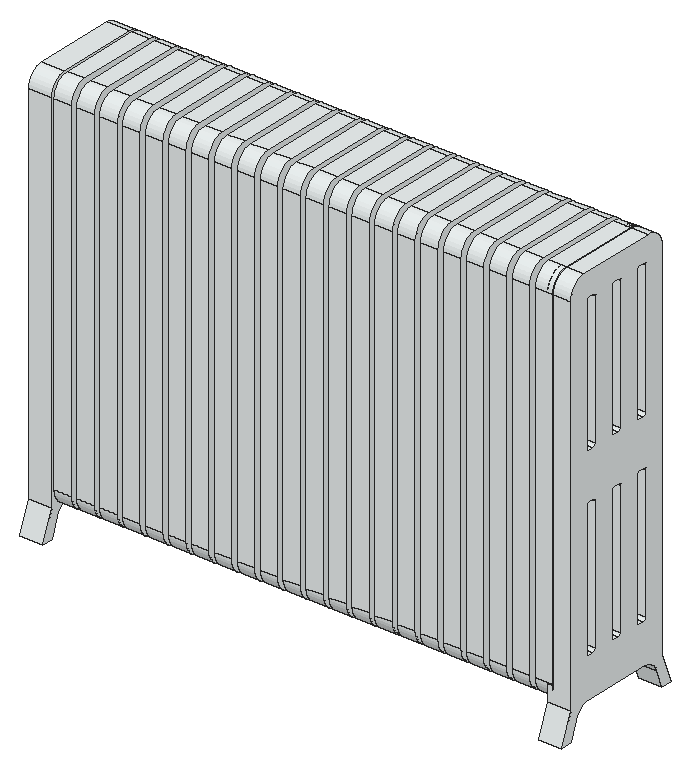
Revit family "SEQ_A3-Radiator-Cast-Iron", category Generic Models, Revit 2016
Family settings
  Part Type = Undefined
  Can host rebar = No
  Round Connector Dimension = Use Diameter
  Work Plane-Based = No
  Always vertical = Yes
  Cut with Voids When Loaded = No
  Shared = No
  Room Calculation Point = No
Parameters (values of type "Radiator Cast 1200mm")
  Sections = S1 / 25.4 mm  # 22
  S1 = (Length - 101.6 mm) / 2  # 549.2 mm
  Length = 1200 mm
  Keynote = "T"
  Finish = Metal - Painted, White
Types (3, lengths in mm): name | Sections | S1 | Length
  (no name) | 22 | 549.2 | 1200
  Radiator Cast 900mm | 16 | 399.2 | 900
  Radiator Cast 1200mm | 22 | 549.2 | 1200
Reference planes
  plane 1 "Center (Front/Back)": y = 0
  plane 2: z = 0
  plane 3 "Center (Left/Right)": x = -0.046
  plane 4: x = 0
  plane 5: x = 1199.954
  plane 6: y = -254
  plane 7: z = 914.4
  plane 8: z = 63.5
  plane 9: x = 50.8
  plane 10: x = 1149.154
  plane 11: y = -127
  plane 12: z = 507.735
  plane 13: y = -127
  plane 14: z = 507.735
  plane 15: y = -127
  plane 16: z = 507.735
  plane 17: x = 101.554
  plane 18: x = 1142.804
  plane 19: x = 95.204
  plane 20: y = -127
  plane 21: z = 507.735
  plane 22: y = -127
  plane 23: z = 507.735
  plane 24: y = -127
  plane 25: z = 507.735
  plane 26: y = -127
  plane 27: z = 507.735
  plane 28: y = -127
  plane 29: z = 507.735
  plane 30: y = -127
  plane 31: z = 507.735
  plane 32: y = -127
  plane 33: z = 507.735
  plane 34: y = -127
  plane 35: z = 507.735
  plane 36: y = -127
  plane 37: z = 507.735
  plane 38: y = -127
  plane 39: z = 507.735
  plane 40: y = -127
  plane 41: z = 507.735
  plane 42: y = -127
  plane 43: z = 507.735
  plane 44: y = -127
  plane 45: z = 507.735
  plane 46: y = -127
  plane 47: z = 507.735
  plane 48: y = -127
  plane 49: z = 507.735
  plane 50: y = -127
  plane 51: z = 507.735
  plane 52: y = -127
  plane 53: z = 507.735
  plane 54: y = -127
  plane 55: z = 507.735
  plane 56: y = -127
  plane 57: z = 507.735
  plane 58: y = -127
  plane 59: z = 507.735
  plane 60: y = -127
  plane 61: z = 507.735
Forms (mm)
  Extrusion 1, solid, material "Metal - Painted, White" <- "Finish"
    sketch origin (-0.046, 0, 0) x (0, 1, 0) y (0, 0, 1)
      loop
        line (-38.1, 914.4) -> (-215.9, 914.4)
        arc (-215.9, 914.4) -> (-242.841, 903.241) -> (-254, 876.3) r 38.1
        line (-254, 876.3) -> (-254, 63.5) -> (-277.112, 0) -> (-254, 0) -> (-240.012, 38.431)
        arc (-240.012, 38.431) -> (-226.063, 56.61) -> (-204.21, 63.5) r 38.1
        line (-204.21, 63.5) -> (-49.79, 63.5)
        arc (-49.79, 63.5) -> (-27.937, 56.61) -> (-13.988, 38.431) r 38.1
        line (-13.988, 38.431) -> (0, 0) -> (23.112, 0) -> (0, 63.5) -> (0, 876.3)
        arc (0, 876.3) -> (-11.159, 903.241) -> (-38.1, 914.4) r 38.1
      loop
        line (-209.55, 857.25) -> (-209.55, 564.885)
        arc (-209.55, 564.885) -> (-207.69, 560.395) -> (-203.2, 558.535) r 6.35
        line (-203.2, 558.535) -> (-190.5, 558.535)
        arc (-190.5, 558.535) -> (-186.01, 560.395) -> (-184.15, 564.885) r 6.35
        line (-184.15, 564.885) -> (-184.15, 857.25)
        arc (-184.15, 857.25) -> (-186.01, 861.74) -> (-190.5, 863.6) r 6.35
        line (-190.5, 863.6) -> (-203.2, 863.6)
        arc (-203.2, 863.6) -> (-207.69, 861.74) -> (-209.55, 857.25) r 6.35
      loop
        line (-133.35, 558.535) -> (-120.65, 558.535)
        arc (-120.65, 558.535) -> (-116.16, 560.395) -> (-114.3, 564.885) r 6.35
        line (-114.3, 564.885) -> (-114.3, 857.25)
        arc (-114.3, 857.25) -> (-116.16, 861.74) -> (-120.65, 863.6) r 6.35
        line (-120.65, 863.6) -> (-133.35, 863.6)
        arc (-133.35, 863.6) -> (-137.84, 861.74) -> (-139.7, 857.25) r 6.35
        line (-139.7, 857.25) -> (-139.7, 564.885)
        arc (-139.7, 564.885) -> (-137.84, 560.395) -> (-133.35, 558.535) r 6.35
      loop
        arc (-69.85, 564.885) -> (-67.99, 560.395) -> (-63.5, 558.535) r 6.35
        line (-63.5, 558.535) -> (-50.8, 558.535)
        arc (-50.8, 558.535) -> (-46.31, 560.395) -> (-44.45, 564.885) r 6.35
        line (-44.45, 564.885) -> (-44.45, 857.25)
        arc (-44.45, 857.25) -> (-46.31, 861.74) -> (-50.8, 863.6) r 6.35
        line (-50.8, 863.6) -> (-63.5, 863.6)
        arc (-63.5, 863.6) -> (-67.99, 861.74) -> (-69.85, 857.25) r 6.35
        line (-69.85, 857.25) -> (-69.85, 564.885)
      loop
        arc (-44.45, 450.585) -> (-46.31, 455.075) -> (-50.8, 456.935) r 6.35
        line (-50.8, 456.935) -> (-63.5, 456.935)
        arc (-63.5, 456.935) -> (-67.99, 455.075) -> (-69.85, 450.585) r 6.35
        line (-69.85, 450.585) -> (-69.85, 158.221)
        arc (-69.85, 158.221) -> (-67.99, 153.731) -> (-63.5, 151.871) r 6.35
        line (-63.5, 151.871) -> (-50.8, 151.871)
        arc (-50.8, 151.871) -> (-46.31, 153.731) -> (-44.45, 158.221) r 6.35
        line (-44.45, 158.221) -> (-44.45, 450.585)
      loop
        arc (-114.3, 450.585) -> (-116.16, 455.075) -> (-120.65, 456.935) r 6.35
        line (-120.65, 456.935) -> (-133.35, 456.935)
        arc (-133.35, 456.935) -> (-137.84, 455.075) -> (-139.7, 450.585) r 6.35
        line (-139.7, 450.585) -> (-139.7, 158.221)
        arc (-139.7, 158.221) -> (-137.84, 153.731) -> (-133.35, 151.871) r 6.35
        line (-133.35, 151.871) -> (-120.65, 151.871)
        arc (-120.65, 151.871) -> (-116.16, 153.731) -> (-114.3, 158.221) r 6.35
        line (-114.3, 158.221) -> (-114.3, 450.585)
      loop
        arc (-184.15, 450.585) -> (-186.01, 455.075) -> (-190.5, 456.935) r 6.35
        line (-190.5, 456.935) -> (-203.2, 456.935)
        arc (-203.2, 456.935) -> (-207.69, 455.075) -> (-209.55, 450.585) r 6.35
        line (-209.55, 450.585) -> (-209.55, 158.221)
        arc (-209.55, 158.221) -> (-207.69, 153.731) -> (-203.2, 151.871) r 6.35
        line (-203.2, 151.871) -> (-190.5, 151.871)
        arc (-190.5, 151.871) -> (-186.01, 153.731) -> (-184.15, 158.221) r 6.35
        line (-184.15, 158.221) -> (-184.15, 450.585)
    from 1149.2 to 1200
  Extrusion 2, solid, material "Metal - Painted, White" <- "Finish"
    sketch origin (609.6, 0, 0) x (0, 1, 0) y (0, 0, 1)
      loop
        line (-38.1, 914.4) -> (-215.9, 914.4)
        arc (-215.9, 914.4) -> (-242.841, 903.241) -> (-254, 876.3) r 38.1
        line (-254, 876.3) -> (-254, 63.5) -> (-277.112, 0) -> (-254, 0) -> (-240.012, 38.431)
        arc (-240.012, 38.431) -> (-226.063, 56.61) -> (-204.21, 63.5) r 38.1
        line (-204.21, 63.5) -> (-49.79, 63.5)
        arc (-49.79, 63.5) -> (-27.937, 56.61) -> (-13.988, 38.431) r 38.1
        line (-13.988, 38.431) -> (0, 0) -> (23.112, 0) -> (0, 63.5) -> (0, 876.3)
        arc (0, 876.3) -> (-11.159, 903.241) -> (-38.1, 914.4) r 38.1
      loop
        arc (-120.65, 558.535) -> (-116.16, 560.395) -> (-114.3, 564.885) r 6.35
        line (-114.3, 564.885) -> (-114.3, 857.25)
        arc (-114.3, 857.25) -> (-116.16, 861.74) -> (-120.65, 863.6) r 6.35
        line (-120.65, 863.6) -> (-133.35, 863.6)
        arc (-133.35, 863.6) -> (-137.84, 861.74) -> (-139.7, 857.25) r 6.35
        line (-139.7, 857.25) -> (-139.7, 564.885)
        arc (-139.7, 564.885) -> (-137.84, 560.395) -> (-133.35, 558.535) r 6.35
        line (-133.35, 558.535) -> (-120.65, 558.535)
      loop
        arc (-190.5, 558.535) -> (-186.01, 560.395) -> (-184.15, 564.885) r 6.35
        line (-184.15, 564.885) -> (-184.15, 857.25)
        arc (-184.15, 857.25) -> (-186.01, 861.74) -> (-190.5, 863.6) r 6.35
        line (-190.5, 863.6) -> (-203.2, 863.6)
        arc (-203.2, 863.6) -> (-207.69, 861.74) -> (-209.55, 857.25) r 6.35
        line (-209.55, 857.25) -> (-209.55, 564.885)
        arc (-209.55, 564.885) -> (-207.69, 560.395) -> (-203.2, 558.535) r 6.35
        line (-203.2, 558.535) -> (-190.5, 558.535)
      loop
        line (-63.5, 558.535) -> (-50.8, 558.535)
        arc (-50.8, 558.535) -> (-46.31, 560.395) -> (-44.45, 564.885) r 6.35
        line (-44.45, 564.885) -> (-44.45, 857.25)
        arc (-44.45, 857.25) -> (-46.31, 861.74) -> (-50.8, 863.6) r 6.35
        line (-50.8, 863.6) -> (-63.5, 863.6)
        arc (-63.5, 863.6) -> (-67.99, 861.74) -> (-69.85, 857.25) r 6.35
        line (-69.85, 857.25) -> (-69.85, 564.885)
        arc (-69.85, 564.885) -> (-67.99, 560.395) -> (-63.5, 558.535) r 6.35
      loop
        line (-120.65, 456.935) -> (-133.35, 456.935)
        arc (-133.35, 456.935) -> (-137.84, 455.075) -> (-139.7, 450.585) r 6.35
        line (-139.7, 450.585) -> (-139.7, 158.221)
        arc (-139.7, 158.221) -> (-137.84, 153.731) -> (-133.35, 151.871) r 6.35
        line (-133.35, 151.871) -> (-120.65, 151.871)
        arc (-120.65, 151.871) -> (-116.16, 153.731) -> (-114.3, 158.221) r 6.35
        line (-114.3, 158.221) -> (-114.3, 450.585)
        arc (-114.3, 450.585) -> (-116.16, 455.075) -> (-120.65, 456.935) r 6.35
      loop
        line (-190.5, 456.935) -> (-203.2, 456.935)
        arc (-203.2, 456.935) -> (-207.69, 455.075) -> (-209.55, 450.585) r 6.35
        line (-209.55, 450.585) -> (-209.55, 158.221)
        arc (-209.55, 158.221) -> (-207.69, 153.731) -> (-203.2, 151.871) r 6.35
        line (-203.2, 151.871) -> (-190.5, 151.871)
        arc (-190.5, 151.871) -> (-186.01, 153.731) -> (-184.15, 158.221) r 6.35
        line (-184.15, 158.221) -> (-184.15, 450.585)
        arc (-184.15, 450.585) -> (-186.01, 455.075) -> (-190.5, 456.935) r 6.35
      loop
        arc (-63.5, 456.935) -> (-67.99, 455.075) -> (-69.85, 450.585) r 6.35
        line (-69.85, 450.585) -> (-69.85, 158.221)
        arc (-69.85, 158.221) -> (-67.99, 153.731) -> (-63.5, 151.871) r 6.35
        line (-63.5, 151.871) -> (-50.8, 151.871)
        arc (-50.8, 151.871) -> (-46.31, 153.731) -> (-44.45, 158.221) r 6.35
        line (-44.45, 158.221) -> (-44.45, 450.585)
        arc (-44.45, 450.585) -> (-46.31, 455.075) -> (-50.8, 456.935) r 6.35
        line (-50.8, 456.935) -> (-63.5, 456.935)
    from -609.6 to -558.8
  Extrusion 3, solid, material "Metal - Painted, White" <- "Finish"
    sketch origin (456.757, 0, 0) x (0, 1, 0) y (0, 0, 1)
      loop
        line (-38.1, 914.4) -> (-215.9, 914.4)
        arc (-215.9, 914.4) -> (-242.841, 903.241) -> (-254, 876.3) r 38.1
        line (-254, 876.3) -> (-254, 101.6)
        arc (-254, 101.6) -> (-242.841, 74.659) -> (-215.9, 63.5) r 38.1
        line (-215.9, 63.5) -> (-38.1, 63.5)
        arc (-38.1, 63.5) -> (-11.159, 74.659) -> (0, 101.6) r 38.1
        line (0, 101.6) -> (0, 876.3)
        arc (0, 876.3) -> (-11.159, 903.241) -> (-38.1, 914.4) r 38.1
    from -400.05 to -361.553
  Extrusion 4, solid, material "Metal - Painted, White" <- "Finish"
    sketch origin (507.511, 0, 0) x (0, 1, 0) y (0, 0, 1)
      loop
        line (-38.1, 914.4) -> (-215.9, 914.4)
        arc (-215.9, 914.4) -> (-242.841, 903.241) -> (-254, 876.3) r 38.1
        line (-254, 876.3) -> (-254, 101.6)
        arc (-254, 101.6) -> (-242.841, 74.659) -> (-215.9, 63.5) r 38.1
        line (-215.9, 63.5) -> (-38.1, 63.5)
        arc (-38.1, 63.5) -> (-11.159, 74.659) -> (0, 101.6) r 38.1
        line (0, 101.6) -> (0, 876.3)
        arc (0, 876.3) -> (-11.159, 903.241) -> (-38.1, 914.4) r 38.1
    from -400.05 to -361.553
  Extrusion 5, solid, material "Metal - Painted, White" <- "Finish"
    sketch origin (558.265, 0, 0) x (0, 1, 0) y (0, 0, 1)
      loop
        line (-38.1, 914.4) -> (-215.9, 914.4)
        arc (-215.9, 914.4) -> (-242.841, 903.241) -> (-254, 876.3) r 38.1
        line (-254, 876.3) -> (-254, 101.6)
        arc (-254, 101.6) -> (-242.841, 74.659) -> (-215.9, 63.5) r 38.1
        line (-215.9, 63.5) -> (-38.1, 63.5)
        arc (-38.1, 63.5) -> (-11.159, 74.659) -> (0, 101.6) r 38.1
        line (0, 101.6) -> (0, 876.3)
        arc (0, 876.3) -> (-11.159, 903.241) -> (-38.1, 914.4) r 38.1
    from -400.05 to -361.553
  Extrusion 6, solid, material "Metal - Painted, White" <- "Finish"
    sketch origin (609.019, 0, 0) x (0, 1, 0) y (0, 0, 1)
      loop
        line (-38.1, 914.4) -> (-215.9, 914.4)
        arc (-215.9, 914.4) -> (-242.841, 903.241) -> (-254, 876.3) r 38.1
        line (-254, 876.3) -> (-254, 101.6)
        arc (-254, 101.6) -> (-242.841, 74.659) -> (-215.9, 63.5) r 38.1
        line (-215.9, 63.5) -> (-38.1, 63.5)
        arc (-38.1, 63.5) -> (-11.159, 74.659) -> (0, 101.6) r 38.1
        line (0, 101.6) -> (0, 876.3)
        arc (0, 876.3) -> (-11.159, 903.241) -> (-38.1, 914.4) r 38.1
    from -400.05 to -361.553
  Extrusion 7, solid, material "Metal - Painted, White" <- "Finish"
    sketch origin (659.773, 0, 0) x (0, 1, 0) y (0, 0, 1)
      loop
        line (-38.1, 914.4) -> (-215.9, 914.4)
        arc (-215.9, 914.4) -> (-242.841, 903.241) -> (-254, 876.3) r 38.1
        line (-254, 876.3) -> (-254, 101.6)
        arc (-254, 101.6) -> (-242.841, 74.659) -> (-215.9, 63.5) r 38.1
        line (-215.9, 63.5) -> (-38.1, 63.5)
        arc (-38.1, 63.5) -> (-11.159, 74.659) -> (0, 101.6) r 38.1
        line (0, 101.6) -> (0, 876.3)
        arc (0, 876.3) -> (-11.159, 903.241) -> (-38.1, 914.4) r 38.1
    from -400.05 to -361.553
  Extrusion 8, solid, material "Metal - Painted, White" <- "Finish"
    sketch origin (710.527, 0, 0) x (0, 1, 0) y (0, 0, 1)
      loop
        line (-38.1, 914.4) -> (-215.9, 914.4)
        arc (-215.9, 914.4) -> (-242.841, 903.241) -> (-254, 876.3) r 38.1
        line (-254, 876.3) -> (-254, 101.6)
        arc (-254, 101.6) -> (-242.841, 74.659) -> (-215.9, 63.5) r 38.1
        line (-215.9, 63.5) -> (-38.1, 63.5)
        arc (-38.1, 63.5) -> (-11.159, 74.659) -> (0, 101.6) r 38.1
        line (0, 101.6) -> (0, 876.3)
        arc (0, 876.3) -> (-11.159, 903.241) -> (-38.1, 914.4) r 38.1
    from -400.05 to -361.553
  Extrusion 9, solid, material "Metal - Painted, White" <- "Finish"
    sketch origin (761.281, 0, 0) x (0, 1, 0) y (0, 0, 1)
      loop
        line (-38.1, 914.4) -> (-215.9, 914.4)
        arc (-215.9, 914.4) -> (-242.841, 903.241) -> (-254, 876.3) r 38.1
        line (-254, 876.3) -> (-254, 101.6)
        arc (-254, 101.6) -> (-242.841, 74.659) -> (-215.9, 63.5) r 38.1
        line (-215.9, 63.5) -> (-38.1, 63.5)
        arc (-38.1, 63.5) -> (-11.159, 74.659) -> (0, 101.6) r 38.1
        line (0, 101.6) -> (0, 876.3)
        arc (0, 876.3) -> (-11.159, 903.241) -> (-38.1, 914.4) r 38.1
    from -400.05 to -361.553
  Extrusion 10, solid, material "Metal - Painted, White" <- "Finish"
    sketch origin (812.035, 0, 0) x (0, 1, 0) y (0, 0, 1)
      loop
        line (-38.1, 914.4) -> (-215.9, 914.4)
        arc (-215.9, 914.4) -> (-242.841, 903.241) -> (-254, 876.3) r 38.1
        line (-254, 876.3) -> (-254, 101.6)
        arc (-254, 101.6) -> (-242.841, 74.659) -> (-215.9, 63.5) r 38.1
        line (-215.9, 63.5) -> (-38.1, 63.5)
        arc (-38.1, 63.5) -> (-11.159, 74.659) -> (0, 101.6) r 38.1
        line (0, 101.6) -> (0, 876.3)
        arc (0, 876.3) -> (-11.159, 903.241) -> (-38.1, 914.4) r 38.1
    from -400.05 to -361.553
  Extrusion 11, solid, material "Metal - Painted, White" <- "Finish"
    sketch origin (862.789, 0, 0) x (0, 1, 0) y (0, 0, 1)
      loop
        line (-38.1, 914.4) -> (-215.9, 914.4)
        arc (-215.9, 914.4) -> (-242.841, 903.241) -> (-254, 876.3) r 38.1
        line (-254, 876.3) -> (-254, 101.6)
        arc (-254, 101.6) -> (-242.841, 74.659) -> (-215.9, 63.5) r 38.1
        line (-215.9, 63.5) -> (-38.1, 63.5)
        arc (-38.1, 63.5) -> (-11.159, 74.659) -> (0, 101.6) r 38.1
        line (0, 101.6) -> (0, 876.3)
        arc (0, 876.3) -> (-11.159, 903.241) -> (-38.1, 914.4) r 38.1
    from -400.05 to -361.553
  Extrusion 12, solid, material "Metal - Painted, White" <- "Finish"
    sketch origin (913.543, 0, 0) x (0, 1, 0) y (0, 0, 1)
      loop
        line (-38.1, 914.4) -> (-215.9, 914.4)
        arc (-215.9, 914.4) -> (-242.841, 903.241) -> (-254, 876.3) r 38.1
        line (-254, 876.3) -> (-254, 101.6)
        arc (-254, 101.6) -> (-242.841, 74.659) -> (-215.9, 63.5) r 38.1
        line (-215.9, 63.5) -> (-38.1, 63.5)
        arc (-38.1, 63.5) -> (-11.159, 74.659) -> (0, 101.6) r 38.1
        line (0, 101.6) -> (0, 876.3)
        arc (0, 876.3) -> (-11.159, 903.241) -> (-38.1, 914.4) r 38.1
    from -400.05 to -361.553
  Extrusion 13, solid, material "Metal - Painted, White" <- "Finish"
    sketch origin (964.297, 0, 0) x (0, 1, 0) y (0, 0, 1)
      loop
        line (-38.1, 914.4) -> (-215.9, 914.4)
        arc (-215.9, 914.4) -> (-242.841, 903.241) -> (-254, 876.3) r 38.1
        line (-254, 876.3) -> (-254, 101.6)
        arc (-254, 101.6) -> (-242.841, 74.659) -> (-215.9, 63.5) r 38.1
        line (-215.9, 63.5) -> (-38.1, 63.5)
        arc (-38.1, 63.5) -> (-11.159, 74.659) -> (0, 101.6) r 38.1
        line (0, 101.6) -> (0, 876.3)
        arc (0, 876.3) -> (-11.159, 903.241) -> (-38.1, 914.4) r 38.1
    from -400.05 to -361.553
  Extrusion 14, solid, material "Metal - Painted, White" <- "Finish"
    sketch origin (1015.051, 0, 0) x (0, 1, 0) y (0, 0, 1)
      loop
        line (-38.1, 914.4) -> (-215.9, 914.4)
        arc (-215.9, 914.4) -> (-242.841, 903.241) -> (-254, 876.3) r 38.1
        line (-254, 876.3) -> (-254, 101.6)
        arc (-254, 101.6) -> (-242.841, 74.659) -> (-215.9, 63.5) r 38.1
        line (-215.9, 63.5) -> (-38.1, 63.5)
        arc (-38.1, 63.5) -> (-11.159, 74.659) -> (0, 101.6) r 38.1
        line (0, 101.6) -> (0, 876.3)
        arc (0, 876.3) -> (-11.159, 903.241) -> (-38.1, 914.4) r 38.1
    from -400.05 to -361.553
  Extrusion 15, solid, material "Metal - Painted, White" <- "Finish"
    sketch origin (1065.805, 0, 0) x (0, 1, 0) y (0, 0, 1)
      loop
        line (-38.1, 914.4) -> (-215.9, 914.4)
        arc (-215.9, 914.4) -> (-242.841, 903.241) -> (-254, 876.3) r 38.1
        line (-254, 876.3) -> (-254, 101.6)
        arc (-254, 101.6) -> (-242.841, 74.659) -> (-215.9, 63.5) r 38.1
        line (-215.9, 63.5) -> (-38.1, 63.5)
        arc (-38.1, 63.5) -> (-11.159, 74.659) -> (0, 101.6) r 38.1
        line (0, 101.6) -> (0, 876.3)
        arc (0, 876.3) -> (-11.159, 903.241) -> (-38.1, 914.4) r 38.1
    from -400.05 to -361.553
  Extrusion 16, solid, material "Metal - Painted, White" <- "Finish"
    sketch origin (1116.559, 0, 0) x (0, 1, 0) y (0, 0, 1)
      loop
        line (-38.1, 914.4) -> (-215.9, 914.4)
        arc (-215.9, 914.4) -> (-242.841, 903.241) -> (-254, 876.3) r 38.1
        line (-254, 876.3) -> (-254, 101.6)
        arc (-254, 101.6) -> (-242.841, 74.659) -> (-215.9, 63.5) r 38.1
        line (-215.9, 63.5) -> (-38.1, 63.5)
        arc (-38.1, 63.5) -> (-11.159, 74.659) -> (0, 101.6) r 38.1
        line (0, 101.6) -> (0, 876.3)
        arc (0, 876.3) -> (-11.159, 903.241) -> (-38.1, 914.4) r 38.1
    from -400.05 to -361.553
  Extrusion 17, solid, material "Metal - Painted, White" <- "Finish"
    sketch origin (1167.313, 0, 0) x (0, 1, 0) y (0, 0, 1)
      loop
        line (-38.1, 914.4) -> (-215.9, 914.4)
        arc (-215.9, 914.4) -> (-242.841, 903.241) -> (-254, 876.3) r 38.1
        line (-254, 876.3) -> (-254, 101.6)
        arc (-254, 101.6) -> (-242.841, 74.659) -> (-215.9, 63.5) r 38.1
        line (-215.9, 63.5) -> (-38.1, 63.5)
        arc (-38.1, 63.5) -> (-11.159, 74.659) -> (0, 101.6) r 38.1
        line (0, 101.6) -> (0, 876.3)
        arc (0, 876.3) -> (-11.159, 903.241) -> (-38.1, 914.4) r 38.1
    from -400.05 to -361.553
  Extrusion 18, solid, material "Metal - Painted, White" <- "Finish"
    sketch origin (1218.067, 0, 0) x (0, 1, 0) y (0, 0, 1)
      loop
        line (-38.1, 914.4) -> (-215.9, 914.4)
        arc (-215.9, 914.4) -> (-242.841, 903.241) -> (-254, 876.3) r 38.1
        line (-254, 876.3) -> (-254, 101.6)
        arc (-254, 101.6) -> (-242.841, 74.659) -> (-215.9, 63.5) r 38.1
        line (-215.9, 63.5) -> (-38.1, 63.5)
        arc (-38.1, 63.5) -> (-11.159, 74.659) -> (0, 101.6) r 38.1
        line (0, 101.6) -> (0, 876.3)
        arc (0, 876.3) -> (-11.159, 903.241) -> (-38.1, 914.4) r 38.1
    from -400.05 to -361.553
  Extrusion 19, solid, material "Metal - Painted, White" <- "Finish"
    sketch origin (1268.821, 0, 0) x (0, 1, 0) y (0, 0, 1)
      loop
        line (-38.1, 914.4) -> (-215.9, 914.4)
        arc (-215.9, 914.4) -> (-242.841, 903.241) -> (-254, 876.3) r 38.1
        line (-254, 876.3) -> (-254, 101.6)
        arc (-254, 101.6) -> (-242.841, 74.659) -> (-215.9, 63.5) r 38.1
        line (-215.9, 63.5) -> (-38.1, 63.5)
        arc (-38.1, 63.5) -> (-11.159, 74.659) -> (0, 101.6) r 38.1
        line (0, 101.6) -> (0, 876.3)
        arc (0, 876.3) -> (-11.159, 903.241) -> (-38.1, 914.4) r 38.1
    from -400.05 to -361.553
  Extrusion 20, solid, material "Metal - Painted, White" <- "Finish"
    sketch origin (1319.575, 0, 0) x (0, 1, 0) y (0, 0, 1)
      loop
        line (-38.1, 914.4) -> (-215.9, 914.4)
        arc (-215.9, 914.4) -> (-242.841, 903.241) -> (-254, 876.3) r 38.1
        line (-254, 876.3) -> (-254, 101.6)
        arc (-254, 101.6) -> (-242.841, 74.659) -> (-215.9, 63.5) r 38.1
        line (-215.9, 63.5) -> (-38.1, 63.5)
        arc (-38.1, 63.5) -> (-11.159, 74.659) -> (0, 101.6) r 38.1
        line (0, 101.6) -> (0, 876.3)
        arc (0, 876.3) -> (-11.159, 903.241) -> (-38.1, 914.4) r 38.1
    from -400.05 to -361.553
  Extrusion 21, solid, material "Metal - Painted, White" <- "Finish"
    sketch origin (1370.329, 0, 0) x (0, 1, 0) y (0, 0, 1)
      loop
        line (-38.1, 914.4) -> (-215.9, 914.4)
        arc (-215.9, 914.4) -> (-242.841, 903.241) -> (-254, 876.3) r 38.1
        line (-254, 876.3) -> (-254, 101.6)
        arc (-254, 101.6) -> (-242.841, 74.659) -> (-215.9, 63.5) r 38.1
        line (-215.9, 63.5) -> (-38.1, 63.5)
        arc (-38.1, 63.5) -> (-11.159, 74.659) -> (0, 101.6) r 38.1
        line (0, 101.6) -> (0, 876.3)
        arc (0, 876.3) -> (-11.159, 903.241) -> (-38.1, 914.4) r 38.1
    from -400.05 to -361.553
  Extrusion 22, solid, material "Metal - Painted, White" <- "Finish"
    sketch origin (1421.083, 0, 0) x (0, 1, 0) y (0, 0, 1)
      loop
        line (-38.1, 914.4) -> (-215.9, 914.4)
        arc (-215.9, 914.4) -> (-242.841, 903.241) -> (-254, 876.3) r 38.1
        line (-254, 876.3) -> (-254, 101.6)
        arc (-254, 101.6) -> (-242.841, 74.659) -> (-215.9, 63.5) r 38.1
        line (-215.9, 63.5) -> (-38.1, 63.5)
        arc (-38.1, 63.5) -> (-11.159, 74.659) -> (0, 101.6) r 38.1
        line (0, 101.6) -> (0, 876.3)
        arc (0, 876.3) -> (-11.159, 903.241) -> (-38.1, 914.4) r 38.1
    from -400.05 to -361.553
  Extrusion 23, solid, material "Metal - Painted, White" <- "Finish"
    sketch origin (1471.837, 0, 0) x (0, 1, 0) y (0, 0, 1)
      loop
        line (-38.1, 914.4) -> (-215.9, 914.4)
        arc (-215.9, 914.4) -> (-242.841, 903.241) -> (-254, 876.3) r 38.1
        line (-254, 876.3) -> (-254, 101.6)
        arc (-254, 101.6) -> (-242.841, 74.659) -> (-215.9, 63.5) r 38.1
        line (-215.9, 63.5) -> (-38.1, 63.5)
        arc (-38.1, 63.5) -> (-11.159, 74.659) -> (0, 101.6) r 38.1
        line (0, 101.6) -> (0, 876.3)
        arc (0, 876.3) -> (-11.159, 903.241) -> (-38.1, 914.4) r 38.1
    from -400.05 to -361.553
  Extrusion 24, solid, material "Metal - Painted, White" <- "Finish"
    sketch origin (1522.59, 0, 0) x (0, 1, 0) y (0, 0, 1)
      loop
        line (-38.1, 914.4) -> (-215.9, 914.4)
        arc (-215.9, 914.4) -> (-242.841, 903.241) -> (-254, 876.3) r 38.1
        line (-254, 876.3) -> (-254, 101.6)
        arc (-254, 101.6) -> (-242.841, 74.659) -> (-215.9, 63.5) r 38.1
        line (-215.9, 63.5) -> (-38.1, 63.5)
        arc (-38.1, 63.5) -> (-11.159, 74.659) -> (0, 101.6) r 38.1
        line (0, 101.6) -> (0, 876.3)
        arc (0, 876.3) -> (-11.159, 903.241) -> (-38.1, 914.4) r 38.1
    from -400.05 to -361.553
Dimensions and locks
  locked: plane 6 to plane 1 "Center (Front/Back)" at 254
  locked: plane 7 to plane 2 at 914.4
  locked: plane 8 to plane 2 at 63.5
  locked: plane 4 to plane 9 at 50.8
  locked: plane 10 to plane 5 at 50.8
  plane 9 to plane 17 = 50.754 mm
  locked: plane 18 to plane 10 at 6.35
  locked: plane 19 to plane 17 at 6.35
  "Length": plane 3 "Center (Left/Right)" to plane 5
  equal spacing: group 1, group 2, group 3, group 4, group 5, group 6, group 7, group 8, group 9, group 10, group 11, group 12, group 13, group 14, group 15, group 16, group 17, group 18, group 19, group 20, group 21, group 22  (x3)
  aligned and locked: Extrusion 1 to plane 5
  aligned and locked: plane 10 to Extrusion 1
  aligned and locked: plane 4 to Extrusion 2
  aligned and locked: Extrusion 2 to plane 9
  aligned and locked: plane 19 to Extrusion 3
Automatic sketch dimensions
  Extrusion 3 sketch curve to plane 15 = 127 mm
  Extrusion 3 sketch curve to Extrusion 3 sketch curve = 38.1 mm  (x3)
  plane 15 to Extrusion 3 sketch curve = 88.9 mm  (x2)
  plane 16 to Extrusion 3 sketch curve = 444.235 mm
  Extrusion 3 sketch curve to plane 16 = 368.565 mm
  Extrusion 4 sketch curve to plane 20 = 127 mm
  Extrusion 4 sketch curve to Extrusion 4 sketch curve = 38.1 mm  (x3)
  plane 20 to Extrusion 4 sketch curve = 88.9 mm  (x2)
  plane 21 to Extrusion 4 sketch curve = 444.235 mm
  Extrusion 4 sketch curve to plane 21 = 368.565 mm
  Extrusion 5 sketch curve to plane 22 = 127 mm
  Extrusion 5 sketch curve to Extrusion 5 sketch curve = 38.1 mm  (x3)
  plane 22 to Extrusion 5 sketch curve = 88.9 mm  (x2)
  plane 23 to Extrusion 5 sketch curve = 444.235 mm
  Extrusion 5 sketch curve to plane 23 = 368.565 mm
  Extrusion 6 sketch curve to plane 24 = 127 mm
  Extrusion 6 sketch curve to Extrusion 6 sketch curve = 38.1 mm  (x3)
  plane 24 to Extrusion 6 sketch curve = 88.9 mm  (x2)
  plane 25 to Extrusion 6 sketch curve = 444.235 mm
  Extrusion 6 sketch curve to plane 25 = 368.565 mm
  Extrusion 7 sketch curve to plane 26 = 127 mm
  Extrusion 7 sketch curve to Extrusion 7 sketch curve = 38.1 mm  (x3)
  plane 26 to Extrusion 7 sketch curve = 88.9 mm  (x2)
  plane 27 to Extrusion 7 sketch curve = 444.235 mm
  Extrusion 7 sketch curve to plane 27 = 368.565 mm
  Extrusion 8 sketch curve to plane 28 = 127 mm
  Extrusion 8 sketch curve to Extrusion 8 sketch curve = 38.1 mm  (x3)
  plane 28 to Extrusion 8 sketch curve = 88.9 mm  (x2)
  plane 29 to Extrusion 8 sketch curve = 444.235 mm
  Extrusion 8 sketch curve to plane 29 = 368.565 mm
  Extrusion 9 sketch curve to plane 30 = 127 mm
  Extrusion 9 sketch curve to Extrusion 9 sketch curve = 38.1 mm  (x3)
  plane 30 to Extrusion 9 sketch curve = 88.9 mm  (x2)
  plane 31 to Extrusion 9 sketch curve = 444.235 mm
  Extrusion 9 sketch curve to plane 31 = 368.565 mm
  Extrusion 10 sketch curve to plane 32 = 127 mm
  Extrusion 10 sketch curve to Extrusion 10 sketch curve = 38.1 mm  (x3)
  plane 32 to Extrusion 10 sketch curve = 88.9 mm  (x2)
  plane 33 to Extrusion 10 sketch curve = 444.235 mm
  Extrusion 10 sketch curve to plane 33 = 368.565 mm
  Extrusion 11 sketch curve to plane 34 = 127 mm
  Extrusion 11 sketch curve to Extrusion 11 sketch curve = 38.1 mm  (x3)
  plane 34 to Extrusion 11 sketch curve = 88.9 mm  (x2)
  plane 35 to Extrusion 11 sketch curve = 444.235 mm
  Extrusion 11 sketch curve to plane 35 = 368.565 mm
  Extrusion 12 sketch curve to plane 36 = 127 mm
  Extrusion 12 sketch curve to Extrusion 12 sketch curve = 38.1 mm  (x3)
  plane 36 to Extrusion 12 sketch curve = 88.9 mm  (x2)
  plane 37 to Extrusion 12 sketch curve = 444.235 mm
  Extrusion 12 sketch curve to plane 37 = 368.565 mm
  Extrusion 13 sketch curve to plane 38 = 127 mm
  Extrusion 13 sketch curve to Extrusion 13 sketch curve = 38.1 mm  (x3)
  plane 38 to Extrusion 13 sketch curve = 88.9 mm  (x2)
  plane 39 to Extrusion 13 sketch curve = 444.235 mm
  Extrusion 13 sketch curve to plane 39 = 368.565 mm
  Extrusion 14 sketch curve to plane 40 = 127 mm
  Extrusion 14 sketch curve to Extrusion 14 sketch curve = 38.1 mm  (x3)
  plane 40 to Extrusion 14 sketch curve = 88.9 mm  (x2)
  plane 41 to Extrusion 14 sketch curve = 444.235 mm
  Extrusion 14 sketch curve to plane 41 = 368.565 mm
  Extrusion 15 sketch curve to plane 42 = 127 mm
  Extrusion 15 sketch curve to Extrusion 15 sketch curve = 38.1 mm  (x3)
  plane 42 to Extrusion 15 sketch curve = 88.9 mm  (x2)
  plane 43 to Extrusion 15 sketch curve = 444.235 mm
  Extrusion 15 sketch curve to plane 43 = 368.565 mm
  Extrusion 16 sketch curve to plane 44 = 127 mm
  Extrusion 16 sketch curve to Extrusion 16 sketch curve = 38.1 mm  (x3)
  plane 44 to Extrusion 16 sketch curve = 88.9 mm  (x2)
  plane 45 to Extrusion 16 sketch curve = 444.235 mm
  Extrusion 16 sketch curve to plane 45 = 368.565 mm
  Extrusion 17 sketch curve to plane 46 = 127 mm
  Extrusion 17 sketch curve to Extrusion 17 sketch curve = 38.1 mm  (x3)
  plane 46 to Extrusion 17 sketch curve = 88.9 mm  (x2)
  plane 47 to Extrusion 17 sketch curve = 444.235 mm
  Extrusion 17 sketch curve to plane 47 = 368.565 mm
  Extrusion 18 sketch curve to plane 48 = 127 mm
  Extrusion 18 sketch curve to Extrusion 18 sketch curve = 38.1 mm  (x3)
  plane 48 to Extrusion 18 sketch curve = 88.9 mm  (x2)
  plane 49 to Extrusion 18 sketch curve = 444.235 mm
  Extrusion 18 sketch curve to plane 49 = 368.565 mm
  Extrusion 2 sketch curve to level = 0 mm  (x2)
  Extrusion 2 sketch curve to plane 6 = 0 mm  (x2)
  Extrusion 2 sketch curve to plane 7 = 0 mm
  Extrusion 2 sketch curve to plane 8 = 0 mm  (x3)
  Extrusion 2 sketch curve to plane 1 "Center (Front/Back)" = 0 mm  (x2)
  plane 6 to Extrusion 2 sketch curve = 23.112 mm
  Extrusion 2 sketch curve to plane 6 = 13.988 mm
  Extrusion 2 sketch curve to plane 6 = 38.1 mm
  Extrusion 2 sketch curve to Extrusion 2 sketch curve = 6.35 mm  (x16)
  Extrusion 2 sketch curve to Extrusion 2 sketch curve = 35.802 mm
  Extrusion 2 sketch curve to Extrusion 2 sketch curve = 12.7 mm  (x8)
  Extrusion 2 sketch curve to plane 13 = 12.7 mm  (x2)
  Extrusion 2 sketch curve to plane 13 = 6.35 mm  (x4)
  plane 13 to Extrusion 2 sketch curve = 6.35 mm  (x4)
  Extrusion 2 sketch curve to Extrusion 2 sketch curve = 49.79 mm
  plane 1 "Center (Front/Back)" to Extrusion 2 sketch curve = 38.1 mm
  plane 1 "Center (Front/Back)" to Extrusion 2 sketch curve = 13.988 mm
  Extrusion 2 sketch curve to plane 1 "Center (Front/Back)" = 23.112 mm
  level to Extrusion 2 sketch curve = 25.4 mm  (x2)
  Extrusion 2 sketch curve to plane 14 = 50.8 mm  (x3)
  Extrusion 2 sketch curve to Extrusion 2 sketch curve = 19.05 mm  (x2)
  Extrusion 2 sketch curve to Extrusion 2 sketch curve = 0 mm  (x2)
  Extrusion 2 sketch curve to plane 6 = 44.45 mm
  Extrusion 2 sketch curve to Extrusion 2 sketch curve = 44.45 mm
  Extrusion 2 sketch curve to Extrusion 2 sketch curve = 31.75 mm
  Extrusion 2 sketch curve to plane 8 = 88.371 mm  (x2)
  plane 14 to Extrusion 2 sketch curve = 57.15 mm  (x2)
  Extrusion 1 sketch curve to level = 0 mm  (x2)
  Extrusion 1 sketch curve to plane 6 = 0 mm  (x2)
  Extrusion 1 sketch curve to plane 7 = 0 mm
  Extrusion 1 sketch curve to plane 8 = 0 mm  (x3)
  Extrusion 1 sketch curve to plane 1 "Center (Front/Back)" = 0 mm  (x2)
  plane 6 to Extrusion 1 sketch curve = 23.112 mm
  Extrusion 1 sketch curve to plane 6 = 13.988 mm
  Extrusion 1 sketch curve to Extrusion 1 sketch curve = 38.1 mm
  Extrusion 1 sketch curve to plane 6 = 44.45 mm
  Extrusion 1 sketch curve to Extrusion 1 sketch curve = 6.35 mm  (x17)
  level to Extrusion 1 sketch curve = 25.4 mm  (x2)
  Extrusion 1 sketch curve to Extrusion 1 sketch curve = 35.802 mm
  Extrusion 1 sketch curve to Extrusion 1 sketch curve = 12.7 mm  (x9)
  Extrusion 1 sketch curve to plane 11 = 12.7 mm  (x2)
  Extrusion 1 sketch curve to plane 11 = 6.35 mm  (x3)
  plane 11 to Extrusion 1 sketch curve = 6.35 mm  (x4)
  Extrusion 1 sketch curve to Extrusion 1 sketch curve = 44.45 mm  (x2)
  plane 1 "Center (Front/Back)" to Extrusion 1 sketch curve = 49.79 mm
  plane 1 "Center (Front/Back)" to Extrusion 1 sketch curve = 13.988 mm
  Extrusion 1 sketch curve to Extrusion 1 sketch curve = 23.112 mm
  Extrusion 1 sketch curve to plane 8 = 88.371 mm  (x2)
  plane 12 to Extrusion 1 sketch curve = 57.15 mm  (x2)
  Extrusion 1 sketch curve to Extrusion 1 sketch curve = 0 mm
  Extrusion 1 sketch curve to plane 12 = 50.8 mm  (x3)
  Extrusion 1 sketch curve to Extrusion 1 sketch curve = 19.05 mm  (x2)
  plane 7 to Extrusion 1 sketch curve = 57.15 mm
  Extrusion 19 sketch curve to plane 50 = 127 mm
  Extrusion 19 sketch curve to Extrusion 19 sketch curve = 38.1 mm  (x3)
  plane 50 to Extrusion 19 sketch curve = 88.9 mm  (x2)
  plane 51 to Extrusion 19 sketch curve = 444.235 mm
  Extrusion 19 sketch curve to plane 51 = 368.565 mm
  Extrusion 20 sketch curve to plane 52 = 127 mm
  Extrusion 20 sketch curve to Extrusion 20 sketch curve = 38.1 mm  (x3)
  plane 52 to Extrusion 20 sketch curve = 88.9 mm  (x2)
  plane 53 to Extrusion 20 sketch curve = 444.235 mm
  Extrusion 20 sketch curve to plane 53 = 368.565 mm
  Extrusion 21 sketch curve to plane 54 = 127 mm
  Extrusion 21 sketch curve to Extrusion 21 sketch curve = 38.1 mm  (x3)
  plane 54 to Extrusion 21 sketch curve = 88.9 mm  (x2)
  plane 55 to Extrusion 21 sketch curve = 444.235 mm
  Extrusion 21 sketch curve to plane 55 = 368.565 mm
  Extrusion 22 sketch curve to plane 56 = 127 mm
  Extrusion 22 sketch curve to Extrusion 22 sketch curve = 38.1 mm  (x3)
  plane 56 to Extrusion 22 sketch curve = 88.9 mm  (x2)
  plane 57 to Extrusion 22 sketch curve = 444.235 mm
  Extrusion 22 sketch curve to plane 57 = 368.565 mm
  Extrusion 23 sketch curve to plane 58 = 127 mm
  Extrusion 23 sketch curve to Extrusion 23 sketch curve = 38.1 mm  (x3)
  plane 58 to Extrusion 23 sketch curve = 88.9 mm  (x2)
  plane 59 to Extrusion 23 sketch curve = 444.235 mm
  Extrusion 23 sketch curve to plane 59 = 368.565 mm
  Extrusion 24 sketch curve to plane 60 = 127 mm
  Extrusion 24 sketch curve to Extrusion 24 sketch curve = 38.1 mm  (x3)
  plane 60 to Extrusion 24 sketch curve = 88.9 mm  (x2)
  plane 61 to Extrusion 24 sketch curve = 444.235 mm
  Extrusion 24 sketch curve to plane 61 = 368.565 mm
